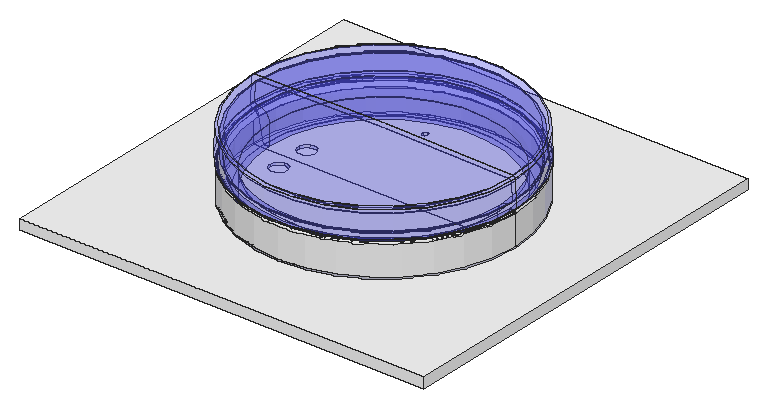
Revit family "BE_12127.1_de_DE", category Leuchten, Revit 2020
Family settings
  Basisbauteil = Fläche
  Bemaßung runder Anschluss = Durchmesser verwenden
  Teiletyp = Normal
  Beim Laden mit Abzugskörper schneiden = Ja
  Lichtquelle = Ja
  Gemeinsam genutzt = Nein
  Raumberechnungspunkt = Ja
Parameters (values of type "BEGA_12127.1_K3")
  built-in parameter 1150104 = 12.757 (stored number, unit not read)
  Wattage = 14.2 W
  Default Elevation = 0 mm
  built-in parameter 1150113 = 1 (stored number, unit not read)
  built-in parameter 1114218 = 1 (stored number, unit not read)
  Umgebungstemperatur = "25 °C"
  URL = "http://www.bega.de/de/produkt/12127.1"
  Typenkommentare = "© 2022 BEGA. Wir behalten uns das Recht vor, technische Änderungen ohne vorherige Ankündigung vorzunehmen."  # constant formula
  Type Image = 12127.1.png
  built-in parameter 1150134 = 12
  built-in parameter 1150109 = 1 (stored number, unit not read)
  Strom = ""
  built-in parameter 1150110 = 1 (stored number, unit not read)
  Spannung = 239.996 V
  Sonderanfertigung = no
  Seriennummer [instance] = "Hier können Sie die eindeutige Seriennummer für das Facility Management eintragen."
  Schutzklasse = "I"
  Schutzart = "IP 64"
  Scheinlast = 0 VA
  Produktdatenblatt = "http://www.bega.de/download/Xrfa/db/12127.1.db.de.pdf"
  Oberflächentemperatur = ""
  Neigungswinkel = 0.00°
  Model = "12127.1K4"
  Material_17 = BEGA_Reflektor
  Material_15 = BEGA_Leuchtmedium_matt
  Material_11 = BEGA_Glas_opal
  Material_09 = BEGA_Glas_klar
  Material_06 = BEGA_Oberfläche_Edelstahl_gebürstet
  Material_05 = BEGA_Oberfläche_Aluminium Guss
  Material_03 = BEGA_Oberfläche_Weiss_matt
  Material_02 = BEGA_Oberfläche_Silber_matt
  Material_01 [instance] = BEGA_Oberfläche_Grafit_matt
  M_W = no
  M_G = no
  M_A = no
  Logo = 0
  built-in parameter 1114217 = 1 (stored number, unit not read)
  built-in parameter 1150139 = (empty or 0)
  built-in parameter 1150105 = 155.17 (stored number, unit not read)
  built-in parameter 1150114 = 1 (stored number, unit not read)
  Lumens = 1949.94 lm
  built-in parameter 1150115 = 1 (stored number, unit not read)
  Leuchtenlichtstrom = "1302 lm"
  Leuchtenanzahl = ""
  Lebensdauerkriterien = "L70B50 @ 25 °C = 232000 h"
  Lastklassifizierung = Beleuchtung
  built-in parameter 1150112 = 1 (stored number, unit not read)
  Lampenlichtstrom = "2040 lm"
  Lamp = "LED 14.2 W"
  LED_Modulbezeichnung = "LED-0854/940"
  Hersteller = "BEGA"  # constant formula
  Halbstreuwinkel = ""
  Gewicht = "3.1 kg"
  Gebrauchslageneinschränkung [instance] = ""
  Frequenz = "0/50-60 Hz"
  Farbwiedergabeindex = "CRI > 90"
  Farbtemperaturverschiebung bei Dämpfen der Lampe = <Keine Auswahl>
  Farbtemperatur = "4000 K"
  Color Filter = 16777215
  built-in parameter 1150133 = 10 (stored number, unit not read)
  Energieeffizienzklasse = "LED A++ - A"
  built-in parameter 1150137 = (empty or 0)
  built-in parameter 1150132 = (empty or 0)
  ENEC = "ja"
  Dimmbar [instance] = "DALI"
  Photometric Web File = "BE_12127.1K4.IES"
  CE_Konformität = "ja"
  Bestellnummer = "12127.1K4"
  Beschreibung_Sonderanfertigung = "Hier können Sie Informationen zur Sonderanfertigung eintragen."
  Beschreibung = "Decken- und Wandleuchte"
  built-in parameter 1150106 = 1.5517 (stored number, unit not read)
  Befestigungsbohrung = "Ø 5,5 mm"
  Befestigungsabstand = "200 mm"
  Ballwurfsicher = ""
  BEGA_Intern_aus = yes
  BEGA_Intern_an = yes
  BEGA_Intern_Konstruktion = yes
  BEGA_Intern = yes
  BEGA_IES = yes
  BEGA_Dummy = no
  Anschlussleitung = ""
  Anschlussleistung [instance] = "16.1 W"
  Anschlusskasten = ""
  built-in parameter 1150107 = 4000 (stored number, unit not read)
  built-in parameter 1150102 = (empty or 0)
  built-in parameter 1150138 = (empty or 0)
  Aktualisierung = "2019-07-05T04:00:16"
  Abstand_zur_angestrahlten_Fläche [instance] = ""
  AC/DC = "AC/DC"
Reference planes
  plane 1 "Mitte (Vorne/Hinten)": y = 0
  plane 2: z = 0
  plane 3 "Mitte (Links/Rechts)": x = 0
  plane 4 "Links": x = -131.499
  plane 5 "Rechts": x = 131.499
  plane 6 "Unten": y = -131.5
  plane 7 "Oben": y = 131.5
  plane 8 "Vorne": z = 67.043
  plane 9 "Hinten": z = 0
Forms (mm)
  Extrusion 1, solid, material "BEGA_Platte_Weiss"
    sketch origin (0, -1119.2, 0) x (1, 0, 0) y (0, 1, 0)
      loop
        line (-200, 1319.2) -> (-200, 919.2) -> (200, 919.2) -> (200, 1319.2) -> (-200, 1319.2)
    from 0 to -10
  Extrusion 2, solid, material "BEGA_Dummy_matt", visible <- "BEGA_Dummy"
    sketch origin (77.149, -76.023, 0) x (1, 0, 0) y (0, 1, 0)
      loop
        circle (-77.149, 76.023) r 131.499
    from 0 to 67.043
Dimensions and locks
  plane 1 "Mitte (Vorne/Hinten)" to Extrusion 1 = 200 mm
  aligned and locked: plane 2 to Extrusion 1
  aligned and locked: level to Extrusion 1
Nested families
  nested 1: "BE_12127.1" at (0, 0, 0), type "BE_12127.1"
Connectors
  electrical at (0, 0, 0), driven by "Lastklassifizierung", driven by "Spannung", driven by "Scheinlast"
    settings: index 1, voltage 239.996 V, apparent load 0 VA, apparent load phase1 0 VA, apparent load phase2 0 VA, apparent load phase3 0 VA, power factor 1, load classification "Beleuchtung", number of poles 1, system type 31, power factor state 1, is connector primary yes, connector utility no, sub classification motor no, connector description ""
Definition of nested family "BE_12127.1"
  Parameters (values of type "BE_12127.1")
    Default Elevation = 1 mm
    URL = "http://www.bega.de/de/produkt"
    Type Comments = "© 2015 BEGA. Wir behalten uns das Recht vor, technische Änderungen ohne vorherige Ankündigung vorzunehmen. "  # constant formula
    Type Image = (empty or 0)
    Neigungswinkel_um_Z2 = 0.00°
    Neigungswinkel_um_Z1 = 0.00°
    Neigungswinkel_um_Y2 = 0.00°
    Neigungswinkel_um_Y1 = 0.00°
    Neigungswinkel_um_X2 = 0.00°
    Neigungswinkel_um_X1 = 0.00°
    Material_17 = none
    Material_15 = none
    Material_11 = none
    Material_09 = none
    Material_06 = none
    Material_05 = none
    Material_03 = none
    Material_02 = none
    Material_01 = none
    M_W = yes
    M_G = yes
    M_A = yes
    Länge_Platte = 350 mm  # constant formula
    Höhe_Platte = -10 mm  # constant formula
    Manufacturer = "BEGA"  # constant formula
    Drehwinkel_um_Z2 = 0.00°
    Drehwinkel_um_Z1 = 0.00°
    Breite_Platte = 350 mm  # constant formula
  Reference planes
    plane 1 "Mitte (Oben/Unten)": y = 0
    plane 2: z = 0
    plane 3 "Mitte (Links/Rechts)": x = 0
    plane 4: x = -131.499
    plane 5: z = 67.043
    plane 6: x = 131.499
    plane 7: y = -131.5
    plane 8: y = 131.5
  Forms (mm)
    Extrusion 1, solid, detail levels medium
      sketch origin (0, 0, 0) x (1, 0, 0) y (0, 1, 0)
        loop
          line (-175, 175) -> (-175, -175) -> (175, -175) -> (175, 175) -> (-175, 175)
      from 0 to -10 <- "Höhe_Platte"
    Revolve 2, solid, material <- "Material_03", detail levels medium+fine
      sketch origin (0, 0, 0) x (1, 0, 0) y (0, 0, 1)
        loop
          arc (-130.4, 3.5) -> (-129.814, 2.086) -> (-128.4, 1.5) r 2
          line (-128.4, 1.5) -> (0, 1.49) -> (0, 3.5) -> (-128.2, 3.5)
          arc (-128.2, 3.5) -> (-128.907, 3.793) -> (-129.2, 4.5) r 1
          line (-129.2, 4.5) -> (-129.2, 33.002) -> (-124.849, 28.651) -> (-124, 29.499) -> (-128.093, 33.592)
          arc (-128.093, 33.592) -> (-128.532, 33.886) -> (-129.05, 33.99) r 1.35
          arc (-129.05, 33.99) -> (-130.003, 33.596) -> (-130.4, 32.645) r 1.35
          line (-130.4, 32.645) -> (-130.4, 3.5)
        axis (0, 1.49) -> (0, 33.99)
      angle from 0 to 360
    Revolve 3, solid, material <- "Material_03", detail levels medium+fine
      sketch origin (0, 0, 0) x (-0.34202, 0.939693, 0) y (0, 0, 1)
        loop
          arc (-109.291, 0.446) -> (-108.537, 0.114) -> (-107.719, 0) r 3
          line (-107.719, 0) -> (-100, 0) -> (-100, 2.568) -> (-112.733, 2.568) -> (-109.291, 0.446)
        axis (-100, 0) -> (-100, 2.568)
      angle from 0 to 360
    Revolve 4, solid, material <- "Material_03", detail levels medium+fine
      sketch origin (0, 0, 0) x (0.34202, -0.939693, 0) y (0, 0, -1)
        loop
          line (-109.291, -0.446) -> (-112.733, -2.568) -> (-100, -2.568) -> (-100, 0) -> (-107.719, 0)
          arc (-107.719, 0) -> (-108.537, -0.114) -> (-109.291, -0.446) r 3
        axis (-100, 0) -> (-100, -2.568)
      angle from 0 to 360
    Extrusion 5, void
      sketch origin (0, 0, 0) x (1, 0, 0) y (0, 1, 0)
        loop
          circle (-90, -17.5) r 8.455
        loop
          circle (-90, 17.5) r 8.455
        loop
          circle (34.202, -93.969) r 2.75
        loop
          circle (-34.202, 93.969) r 2.75
      from 0 to 10
    Revolve 6, solid, material <- "Material_11", detail levels medium+fine
      sketch origin (0, 0, 0) x (1, 0, 0) y (0, 0, 1)
        loop
          line (-130.588, 63.111) -> (-131.499, 37.036)
          arc (-131.499, 37.036) -> (-130.952, 35.588) -> (-129.535, 34.964) r 2
          line (-129.535, 34.964) -> (-124.456, 34.876) -> (-118.5, 6.5) -> (-112.5, 6.5) -> (-112.5, 26.875)
          arc (-112.5, 26.875) -> (-115.966, 35.311) -> (-124.36, 38.875) r 12
          arc (-124.36, 38.875) -> (-126.497, 39.804) -> (-127.324, 41.983) r 3
          line (-127.324, 41.983) -> (-126.762, 58.054)
          arc (-126.762, 58.054) -> (-125.872, 60.084) -> (-123.83, 60.948) r 3
          arc (-123.83, 60.948) -> (-61.918, 62.105) -> (0, 62.842) r 9145.004
          line (0, 62.842) -> (0, 67.043)
          arc (0, 67.043) -> (-64.321, 66.269) -> (-128.635, 65.044) r 9149.205
          arc (-128.635, 65.044) -> (-129.995, 64.466) -> (-130.588, 63.111) r 2
        axis (0, 6.5) -> (0, 67.043)
      angle from 0 to 360
  Cuts and joins
    Extrusion 5 cuts Revolve 2
    Extrusion 5 cuts Revolve 3
    Extrusion 5 cuts Revolve 4
    joined: Revolve 2, Revolve 3, Revolve 4
  Dimensions and locks
    equal spacing: Extrusion 1 sketch curve, plane 3 "Mitte (Links/Rechts)", Extrusion 1 sketch curve
    equal spacing: Extrusion 1 sketch curve, plane 1 "Mitte (Oben/Unten)", Extrusion 1 sketch curve
    "Länge_Platte": Extrusion 1 sketch curve to Extrusion 1 sketch curve
    "Breite_Platte": Extrusion 1 sketch curve to Extrusion 1 sketch curve
    aligned and locked: plane 2 to Extrusion 1
    aligned and locked: level to Extrusion 1
  Automatic sketch dimensions
    Revolve 2 sketch curve to Revolve 2 sketch curve = 0 mm  (x8)
    Revolve 2 sketch curve to plane 3 "Mitte (Links/Rechts)" = 0 mm  (x2)
    level to Revolve 2 sketch curve = 29.499 mm
    level to Revolve 2 sketch curve = 28.651 mm
    Revolve 2 sketch curve to Revolve 2 sketch curve = 0.849 mm
    level to Revolve 2 sketch curve = 33.592 mm
    Revolve 2 sketch curve to Revolve 2 sketch curve = 4.093 mm
    level to Revolve 2 sketch curve = 4.5 mm
    Revolve 2 sketch curve to Revolve 2 sketch curve = 3.351 mm
    Revolve 2 sketch curve to Revolve 2 sketch curve = 0.2 mm
    Revolve 2 sketch curve to Revolve 2 sketch curve = 0.957 mm
    Revolve 2 sketch curve to Revolve 2 sketch curve = 0.15 mm  (x2)
    Revolve 2 sketch curve to Revolve 2 sketch curve = 1.2 mm
    level to Revolve 2 sketch curve = 1.49 mm
    Revolve 2 sketch curve to Revolve 2 sketch curve = 0.952 mm
    Revolve 2 sketch curve to Revolve 2 sketch curve = 0.005 mm
    Revolve 2 sketch curve to Revolve 2 sketch curve = 0.362 mm
    Revolve 2 sketch curve to Revolve 2 sketch curve = 0.01 mm  (x2)
    Revolve 2 sketch curve to Revolve 2 sketch curve = 1 mm
    Revolve 2 sketch curve to Revolve 2 sketch curve = 1.76 mm
    Revolve 6 sketch curve to Revolve 6 sketch curve = 0 mm  (x9)
    Revolve 6 sketch curve to plane 3 "Mitte (Links/Rechts)" = 0 mm  (x2)
    level to Revolve 6 sketch curve = 6.5 mm
    Revolve 6 sketch curve to Revolve 6 sketch curve = 6 mm
    Revolve 6 sketch curve to Revolve 6 sketch curve = 11.264 mm
    Revolve 6 sketch curve to Revolve 6 sketch curve = 0.561 mm
    level to Revolve 6 sketch curve = 34.876 mm
    Revolve 6 sketch curve to Revolve 6 sketch curve = 0.131 mm
    Revolve 6 sketch curve to Revolve 6 sketch curve = 0.044 mm
    level to Revolve 6 sketch curve = 41.983 mm
    Revolve 6 sketch curve to Revolve 6 sketch curve = 2.998 mm  (x2)
    Revolve 6 sketch curve to Revolve 6 sketch curve = 4.825 mm
    Revolve 6 sketch curve to Revolve 6 sketch curve = 5.044 mm
    Revolve 6 sketch curve to Revolve 6 sketch curve = 1.999 mm  (x2)
    level to Revolve 6 sketch curve = 37.036 mm
    plane 3 "Mitte (Links/Rechts)" to Revolve 6 sketch curve = 77.874 mm
    Revolve 6 sketch curve to level = 9081.831 mm
    Revolve 6 sketch curve to Revolve 6 sketch curve = 8 mm
    Revolve 6 sketch curve to Revolve 6 sketch curve = 0.072 mm
    Revolve 6 sketch curve to Revolve 6 sketch curve = 0.109 mm
    Revolve 6 sketch curve to Revolve 6 sketch curve = 16.075 mm
    level to Revolve 6 sketch curve = 62.842 mm
    Revolve 6 sketch curve to Revolve 6 sketch curve = 5.094 mm
    Revolve 6 sketch curve to Revolve 6 sketch curve = 0.068 mm
    Revolve 6 sketch curve to Revolve 6 sketch curve = 4.201 mm
    Revolve 6 sketch curve to Revolve 6 sketch curve = 0.065 mm
    Revolve 6 sketch curve to Revolve 6 sketch curve = 0.001 mm  (x2)
    Revolve 6 sketch curve to Revolve 6 sketch curve = 0.035 mm  (x2)
    Revolve 6 sketch curve to Revolve 6 sketch curve = 0.045 mm
    level to Revolve 6 sketch curve = 34.964 mm
    Revolve 6 sketch curve to Revolve 6 sketch curve = 0.105 mm
    Revolve 6 sketch curve to Revolve 6 sketch curve = 2.529 mm
    Revolve 6 sketch curve to Revolve 6 sketch curve = 0.706 mm
    Revolve 2 sketch curve to plane 4 = 7.499 mm
    Revolve 6 sketch curve to plane 4 = 18.999 mm
    Extrusion 5 sketch curve to plane 1 "Mitte (Oben/Unten)" = 17.5 mm
    Extrusion 5 sketch curve to plane 4 = 41.499 mm
    Extrusion 5 sketch curve to Extrusion 5 sketch curve = 0 mm
    Extrusion 5 sketch curve to plane 3 "Mitte (Links/Rechts)" = 34.202 mm
    plane 3 "Mitte (Links/Rechts)" to Extrusion 5 sketch curve = 34.202 mm
    plane 1 "Mitte (Oben/Unten)" to Extrusion 5 sketch curve = 17.5 mm
    Extrusion 5 sketch curve to plane 7 = 37.531 mm
    Extrusion 5 sketch curve to plane 8 = 37.531 mm
    level to Revolve 3 sketch curve = 2.568 mm
    level to Revolve 3 sketch curve = 3 mm
    Revolve 3 sketch curve to Revolve 3 sketch curve = 5.014 mm
    Revolve 3 sketch curve to Revolve 3 sketch curve = 7.719 mm
    Revolve 3 sketch curve to level = 0 mm
    level to Revolve 3 sketch curve = 0.446 mm  (x2)
    Revolve 3 sketch curve to Revolve 3 sketch curve = 0.002 mm
    Revolve 3 sketch curve to Revolve 3 sketch curve = 0 mm  (x3)
    level to Revolve 4 sketch curve = 2.568 mm
    level to Revolve 4 sketch curve = 3 mm
    Revolve 4 sketch curve to Revolve 4 sketch curve = 5.014 mm
    Revolve 4 sketch curve to Revolve 4 sketch curve = 7.719 mm
    Revolve 4 sketch curve to level = 0 mm
    level to Revolve 4 sketch curve = 0.446 mm  (x2)
    Revolve 4 sketch curve to Revolve 4 sketch curve = 0.002 mm
    Revolve 4 sketch curve to Revolve 4 sketch curve = 0 mm  (x3)
    radius of Extrusion 5 sketch curve = 8.455 mm  (x2)
    radius of Extrusion 5 sketch curve = 2.75 mm  (x2)
